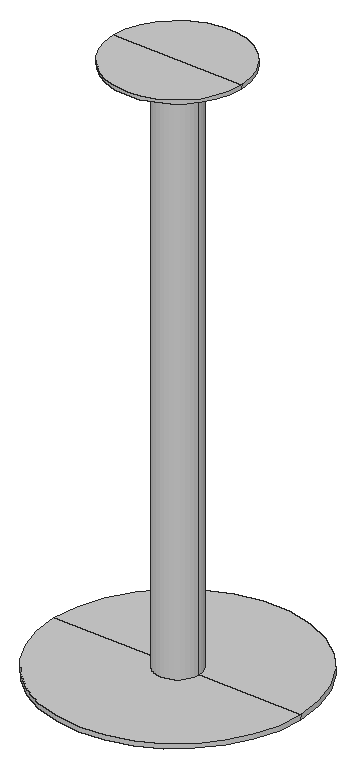
Revit family "FU_Table_Sandler_Mesa 0114-Base", category Furniture, Revit 2022
Family settings
  OmniClass Number = 23.40.20.00
  OmniClass Title = General Furniture and Specialties
  Work Plane-Based = No
  Always vertical = Yes
  Cut with Voids When Loaded = No
  Render Appearance Source = Family Geometry
  Shared = No
  Room Calculation Point = No
Parameters (values of type "Mesa 0014 Base")
  Width = 465 mm
  URL = "https://www.sandlerseating.com/product/mesa-0014/"
  Model = "Mesa 0014"
  Manufacturer = "Sandler"
  Height = 1030 mm
  Description = "Steel table base at bar height. Steel central column, round base plate. Works with Mesa tabletops."
  Depth = 465 mm
  Default Elevation = 0 mm
  Base [instance] = Metal - Chrome - Polished
Reference planes
  plane 1 "Center (Front/Back)": y = 0
  plane 2: z = 0
  plane 3 "Center (Left/Right)": x = 0
  plane 4 "Right": x = -232.5
  plane 5 "Left": x = 232.5
  plane 6 "Back": y = 232.5
  plane 7 "Front": y = -232.5
  plane 8 "Height": z = 1030
  plane 9 "Seat Height": z = 11
Forms (mm)
  Revolve 1, solid, material "Metal - Chrome - Polished" <- "Base"
    sketch origin (0, 0, 0) x (1, 0, 0) y (0, 0, 1)
      loop
        line (0, 0) -> (0, 1033) -> (-120, 1033) -> (-120, 1027) -> (-40, 1027) -> (-40, 11) -> (-232.5, 11) -> (-232.5, 3) -> (-225, 3) -> (-225, 0) -> (0, 0)
      axis (0, 0) -> (0, 1033)
    angle from 0 to 360
Dimensions and locks
  equal spacing: plane 6 "Back", plane 1 "Center (Front/Back)", plane 7 "Front"
  "Depth": plane 6 "Back" to plane 7 "Front"
  equal spacing: plane 4 "Right", plane 3 "Center (Left/Right)", plane 5 "Left"
  "Width": plane 4 "Right" to plane 5 "Left"
  "Height": plane 8 "Height" to level
  aligned and locked: level to plane 2
Automatic sketch dimensions
  Revolve 1 sketch curve to plane 4 "Right" = 0 mm
  Revolve 1 sketch curve to level = 0 mm
  Revolve 1 sketch curve to plane 9 "Seat Height" = 0 mm
  Revolve 1 sketch curve to plane 3 "Center (Left/Right)" = 0 mm  (x2)
  level to Revolve 1 sketch curve = 3 mm
  plane 4 "Right" to Revolve 1 sketch curve = 7.5 mm
  plane 8 "Height" to Revolve 1 sketch curve = 3 mm
  plane 4 "Right" to Revolve 1 sketch curve = 112.5 mm
  Revolve 1 sketch curve to plane 8 "Height" = 3 mm
  Revolve 1 sketch curve to plane 3 "Center (Left/Right)" = 40 mm
  Revolve 1 sketch curve to level = 10 mm
  Revolve 1 sketch curve to Revolve 1 sketch curve = 55 mm
